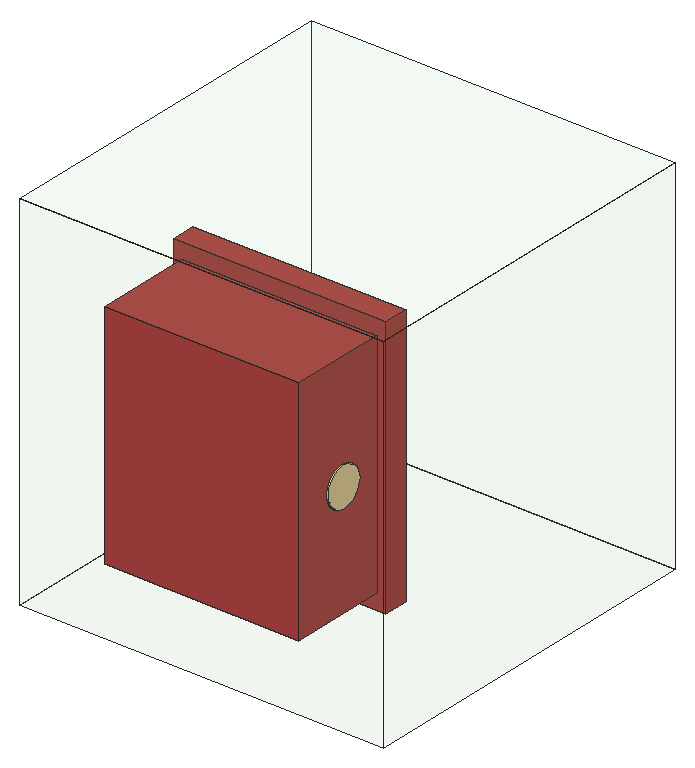
Revit family "ZETA_Коробка_Клемная_КМ 65-10_IP65", category Электрические приборы, Revit 2021
Family settings
  Сохранять ориентацию аннотаций = Нет
  Размер круглого соединителя = Использовать диаметр
  Тип детали = Нормальный
  На основе рабочей плоскости = Да
  Всегда вертикально = Нет
  При загрузке вырезать с полостями = Нет
  Общий = Нет
  Точка принадлежности помещению = Да
Parameters (values of type "65-10_IP65")
  УГО_Ширина = 10 mm
  УГО_Смещение_Х [instance] = 0 mm
  УГО_Смещение_Y [instance] = 0 mm
  УГО_Высота = 5 mm
  Температура эксплуатации = "от -40°С до +60°С"
  Сечение жил до = "4мм2"
  Сертификат = "RU C-RU.АД84.В.00192/20"
  Потолочное размещение [instance] = no
  Default Elevation = 1219.2 mm
  Описание = "Коробки клеммные соединительные КМ43 и КМ65 предназначены для\r\nсоединения и разветвления силовых электрических цепей и цепей КИПиА,\r\nвыполняемых контрольными и силовыми кабелями с алюминиевыми или медными\r\nжилами сечением 1,5-4мм2."
  Номинальный ток = "до 25A"
  Напряжение постоянного тока = "440 В"
  Напряжение переменного тока = "660 В"
  Крышка_Ширина = 160 mm
  Крышка_Длина = 190 mm
  Климатическое исполнение = "УХЛ1,5"
  Изготовитель = "АО «ЗЭТА»"  # constant formula
  Изготавливается по = "ТУ 27.33.13.120-047-99856433-2020"
  URL = "https://nzeta.ru/"
  D2 = 32 mm
  D1 = 25 mm
  В_УГО_Смещение_У [instance] = УГО_Смещение_Y + 2000 mm  # 2000 mm
  В_УГО_Смещение_X [instance] = УГО_Смещение_Х + 2000 mm  # 2000 mm
  ADSK_Ток = 0 A
  ADSK_Степень защиты_IP = "IP65"
  ADSK_Размер_Ширина = 175 mm
  ADSK_Размер_УголПоворота [instance] = if(Потолочное размещение, -90.00°, 180.00°)  # 180.00°
  ADSK_Размер_Длина = 215 mm
  ADSK_Размер_Высота = 100 mm
  ADSK_Примечание [instance] = ""
  ADSK_Полная мощность = 0 VA
  ADSK_Позиция [instance] = ""
  ADSK_Обозначение = "KK"
  ADSK_Номинальная мощность = 0 W
  ADSK_Номер стояка = ""
  ADSK_Номер линии = 0
  ADSK_Напряжение = 230 V
  ADSK_Наименование краткое = "КМ 65-10"
  ADSK_Наименование = "Коробка монтажная КМ 65-10 УХЛ1,5 IP65 латунный ввод ГОФРОМАТИК"
  ADSK_Материал наименование = "Сталь оцинкованная"
  ADSK_Масса_Текст = "1,4"
  ADSK_Масса = 1.4
  ADSK_Марка = "KK КМ 65-10 УХЛ1,5 IP65"
  ADSK_Коэффициент мощности = 1
  ADSK_Количество фаз числовое = 1
  ADSK_Количество фаз = 1
  ADSK_Количество = 1
  ADSK_Код изделия = "zeta30342"
  ADSK_Классификация нагрузок = Прочее
  ADSK_Завод-изготовитель = "АО «ЗЭТА»"  # constant formula
  ADSK_Единица измерения = "шт"  # constant formula
  ADSK_Версия семейства = "v.1"  # constant formula
  ADSK_Версия Revit = "2021"
  ADSK_URL страницы изделия = "https://nzeta.ru/catalog/?q=zeta30342"
  ADSK_URL документации изделия = "https://nzeta.ru/upload/uf/ce7/flzcsbpz9h0f8diecrwf8y3ppipdy0zw/passport.pdf"
Reference planes
  plane 1 "По центру (Вперед/Назад)": y = 0
  plane 2: z = 0
  plane 3 "По центру (Влево/Вправо)": x = 0
  plane 4: x = -2000
  plane 5: y = -2000
  plane 6: x = 0
  plane 7: y = 0
Lines and regions (mm)
  reference lines
    curve 1: line (0, 0, 0) -> (0, 0, -180)
    curve 2: line (0, 0, 0) -> (0, 140, 0)
Dimensions and locks
  "В_УГО_Смещение_X": plane 4 to plane 6
  "В_УГО_Смещение_У": plane 7 to plane 5
  angle curve 2 to curve 1 = 90.00°
  "ADSK_Размер_УголПоворота": angle plane 1 "По центру (Вперед/Назад)" to curve 1
  aligned and locked: level to plane 2
  aligned and locked: plane 6 to nested 1
  aligned and locked: nested 1 to plane 7
  aligned and locked: plane 2 to curve 2
  aligned and locked: plane 1 "По центру (Вперед/Назад)" to curve 1
  aligned and locked: nested 2 to curve 2
Nested families
  nested 1: "УГО_Клеменная_Коробка_(GenAnn)" at (0, 0, 0), УГО_Высота <- "УГО_Высота", УГО_Длина <- "УГО_Ширина", ADSK_Обозначение <- "ADSK_Обозначение", ADSK_Степень защиты_IP <- "ADSK_Степень защиты_IP", type "УГО_Клеменная_Коробка_(GenAnn)", detail levels coarse+medium
    with УГО_Длина 10 mm, УГО_Высота 5 mm, ADSK_Степень защиты_IP "IP65", ADSK_Обозначение "KK"
  nested 2: "ZETA_Коробка_Клемная_КМ 65-10_IP65_Геометрия" at (0, 0, 0) x (0, 0, -1) z (0, 1, 0), type "65-10", detail levels medium+fine
  nested 3: "Zeta_Зона обслуживания" at (0, 0, 0) x (-1, 0, 0) z (0, 0, -1), type "Зона обслуживания_Куб", detail levels medium+fine
    with Зона обслуживания_Ширина 300 mm, Зона обслуживания_Длина 300 mm, Зона обслуживания_Высота 300 mm
Connectors
  cabletrayconduit at (-81.999, 43.588, 50), diameter 25, driven by "D1"
    settings: on nested 2, index 2, connector width 300 mm, connector height 300 mm, connector angle 0.00°, system type 32, placement type 0, profile type 0, connector reference index -1, is primary connector yes, connector utility param no, connector description ""
  cabletrayconduit at (-81.999, 43.588, 0), diameter 32, driven by "D2"
    settings: on nested 2, index 3, connector width 300 mm, connector height 300 mm, connector angle 0.00°, system type 32, placement type 0, profile type 0, connector reference index -1, is primary connector no, connector utility param no, connector description ""
  cabletrayconduit at (-81.999, 43.588, -50), diameter 25, driven by "D1"
    settings: on nested 2, index 4, connector width 300 mm, connector height 300 mm, connector angle 0.00°, system type 32, placement type 0, profile type 0, connector reference index -1, is primary connector no, connector utility param no, connector description ""
  electrical at (0, 0, 0), driven by "ADSK_Количество фаз", driven by "ADSK_Классификация нагрузок", driven by "ADSK_Напряжение", driven by "ADSK_Полная мощность", driven by "ADSK_Коэффициент мощности"
    settings: on nested 2, index 5, voltage 230 V, apparent load 0 VA, apparent load phase1 0 VA, apparent load phase2 0 VA, apparent load phase3 0 VA, power factor 1, load classification "Прочее", number of poles 1, system type 30, power factor state 1, is connector primary yes, connector utility no, sub classification motor no, connector description ""
  cabletrayconduit at (81.928, 43.588, 0), diameter 32, driven by "D2"
    settings: on nested 2, index 6, connector width 300 mm, connector height 300 mm, connector angle 0.00°, system type 32, placement type 0, profile type 0, connector reference index -1, is primary connector no, connector utility param no, connector description ""
Definition of nested family "ZETA_Коробка_Клемная_КМ 65-10_IP65_Геометрия"
  Parameters (values of type "65-10")
    Привязки_Штуцер = 100 mm
    Default Elevation = 1219.2 mm
    Основание_Ширина = ADSK_Размер_Ширина * 0.9142  # 159.985 mm
    Основание_Длина = ADSK_Размер_Длина * 0.8835  # 191.72 mm
    Manufacturer = "АО \"ЗЭТАРУС\""
    D2 = 32 mm
    D1 = 25 mm
    ADSK_Размер_Ширина = 175 mm
    ADSK_Размер_Длина = 217 mm
    ADSK_Размер_Высота = 100 mm
    65-20 = no
    65-10 = yes
  Reference planes
    plane 1 "По центру (Вперед/Назад)": y = 0
    plane 2: z = 0
    plane 3 "По центру (Влево/Вправо)": x = 0
    plane 4: x = -95.86
    plane 5: x = 95.86
    plane 6: y = -79.992
    plane 7: y = 79.993
    plane 8: x = -108.5
    plane 9: y = -87.5
    plane 10: x = 108.5
    plane 11: y = 87.5
    plane 12: z = 100
    plane 13: z = 79.822
    plane 14: y = -57.269
    plane 15: y = 57.269
    plane 16: z = 43.588
    plane 17: y = -81.999
    plane 18: y = 81.928
    plane 19: x = -50
    plane 20: x = 50
    plane 21: x = -19.172
    plane 22: x = -57.516
    plane 23: x = 19.172
    plane 24: x = 57.516
  Forms (mm)
    Extrusion 1, solid
      sketch origin (0, 0, 0) x (1, 0, 0) y (0, 1, 0)
        loop
          line (-95.86, 79.993) -> (-95.86, -79.992) -> (95.86, -79.992) -> (95.86, 79.993) -> (-95.86, 79.993)
      from 0 to 79.822
    Extrusion 2, solid
      sketch origin (0, 0, 0) x (1, 0, 0) y (0, 1, 0)
        loop
          line (-108.5, 87.5) -> (-108.5, -87.5) -> (108.5, -87.5) -> (108.5, 87.5) -> (-108.5, 87.5)
      from 100 to 79.822
    Extrusion 3, solid
      sketch origin (0, 0, 0) x (1, 0, 0) y (0, 0, 1)
        loop
          circle (-50, 43.588) r 12.5
      from 79.992 to 81.999
    Extrusion 4, solid
      sketch origin (43.5, 0, 0) x (1, 0, 0) y (0, 0, 1)
        loop
          circle (-43.5, 43.588) r 16
      from 81.999 to 79.992
    Extrusion 5, solid
      sketch origin (117, 0, 0) x (1, 0, 0) y (0, 0, 1)
        loop
          circle (-67, 43.588) r 12.5
      from 81.999 to 79.992
    Extrusion 6, solid, visible <- "65-20"
      sketch origin (85.899, 167.006, 14.478) x (1, 0, 0) y (0, 0, 1)
        loop
          circle (-105.071, 29.11) r 16
      from 85.079 to 87.014
    Extrusion 7, solid, visible <- "65-20"
      sketch origin (26.528, 167.006, 14.478) x (1, 0, 0) y (0, 0, 1)
        loop
          circle (-84.044, 29.11) r 16
      from 85.079 to 87.014
    Extrusion 8, solid, visible <- "65-20"
      sketch origin (145.27, 167.006, 14.478) x (1, 0, 0) y (0, 0, 1)
        loop
          circle (-126.098, 29.11) r 16
      from 85.079 to 87.014
    Extrusion 9, solid, visible <- "65-20"
      sketch origin (204.642, 167.006, 14.478) x (1, 0, 0) y (0, 0, 1)
        loop
          circle (-147.126, 29.11) r 16
      from 85.079 to 87.014
    Extrusion 10, solid, visible <- "65-10"
      sketch origin (115.585, 167.006, 14.478) x (1, 0, 0) y (0, 0, 1)
        loop
          circle (-115.585, 29.11) r 16
      from 85.079 to 87.014
  Dimensions and locks
    equal spacing: plane 4, plane 3 "По центру (Влево/Вправо)", plane 5
    equal spacing: plane 7, plane 1 "По центру (Вперед/Назад)", plane 6
    "Основание_Ширина": plane 7 to plane 6
    "Основание_Длина": plane 4 to plane 5
    equal spacing: plane 11, plane 1 "По центру (Вперед/Назад)", plane 9
    equal spacing: plane 8, plane 3 "По центру (Влево/Вправо)", plane 10
    "ADSK_Размер_Ширина": plane 11 to plane 9
    "ADSK_Размер_Длина": plane 8 to plane 10
    "ADSK_Размер_Высота": plane 12 to level
    locked: plane 6 to plane 17 at 2.006
    locked: plane 18 to plane 7 at 1.935
    equal spacing: plane 19, plane 3 "По центру (Влево/Вправо)", plane 20
    equal spacing: plane 4, plane 22, plane 21, plane 23, plane 24, plane 5
    "Привязки_Штуцер": plane 19 to plane 20
    "D1": diameter of Extrusion 3 sketch curve
    "D2": diameter of Extrusion 4 sketch curve
    "D1": diameter of Extrusion 5 sketch curve
    "D2": diameter of Extrusion 6 sketch curve
    "D2": diameter of Extrusion 7 sketch curve
    "D2": diameter of Extrusion 8 sketch curve
    "D2": diameter of Extrusion 9 sketch curve
    "D2": diameter of Extrusion 10 sketch curve
    aligned and locked: level to plane 2
    aligned and locked: Extrusion 1 sketch curve to plane 7
    aligned and locked: plane 4 to Extrusion 1 sketch curve
    aligned and locked: plane 6 to Extrusion 1 sketch curve
    aligned and locked: Extrusion 1 sketch curve to plane 5
    aligned and locked: Extrusion 2 sketch curve to plane 11
    aligned and locked: plane 8 to Extrusion 2 sketch curve
    aligned and locked: plane 9 to Extrusion 2 sketch curve
    aligned and locked: Extrusion 2 sketch curve to plane 10
    aligned and locked: Extrusion 2 to plane 13
    aligned and locked: Extrusion 1 to Extrusion 2
    aligned and locked: plane 16 to Extrusion 3 sketch curve
    aligned and locked: plane 6 to Extrusion 3
    aligned and locked: Extrusion 3 to plane 17
    aligned and locked: plane 18 to Extrusion 6
    aligned and locked: Extrusion 6 to plane 7
    aligned and locked: Extrusion 4 to Extrusion 1
    aligned and locked: Extrusion 4 to plane 17
    aligned and locked: Extrusion 5 to Extrusion 1
    aligned and locked: Extrusion 5 to plane 17
    aligned and locked: plane 19 to Extrusion 3 sketch curve
    aligned and locked: plane 20 to Extrusion 5 sketch curve
    aligned and locked: plane 16 to Extrusion 5 sketch curve
    aligned and locked: plane 16 to Extrusion 6 sketch curve
    aligned and locked: plane 21 to Extrusion 6 sketch curve
  Automatic sketch dimensions
    Extrusion 4 sketch curve to plane 3 "По центру (Влево/Вправо)" = 0 mm
    Extrusion 4 sketch curve to plane 16 = 0 mm
    Extrusion 7 sketch curve to plane 16 = 0 mm
    Extrusion 7 sketch curve to plane 22 = 0 mm
    Extrusion 8 sketch curve to plane 16 = 0 mm
    Extrusion 8 sketch curve to plane 23 = 0 mm
    Extrusion 9 sketch curve to plane 16 = 0 mm
    Extrusion 9 sketch curve to plane 24 = 0 mm
    Extrusion 10 sketch curve to plane 3 "По центру (Влево/Вправо)" = 0 mm
    Extrusion 10 sketch curve to plane 16 = 0 mm
Definition of nested family "Zeta_Зона обслуживания"
  Parameters (values of type "Зона обслуживания_Куб")
    Default Elevation = 1219.2 mm
    Зона обслуживания_Ширина [instance] = 300 mm
    Зона обслуживания_Длина [instance] = 300 mm
    Зона обслуживания_Высота [instance] = 300 mm
  Reference planes
    plane 1 "По центру (Вперед/Назад)": y = 0
    plane 2: z = 0
    plane 3 "По центру (Влево/Вправо)": x = 0
    plane 4: x = -150
    plane 5: x = 150
    plane 6: y = 300
    plane 7: z = 150
    plane 8: z = -150
  Forms (mm)
    Extrusion 1, solid
      sketch origin (0, 0, 0) x (1, 0, 0) y (0, 1, 0)
        loop
          line (-150, 300) -> (-150, 0) -> (150, 0) -> (150, 300) -> (-150, 300)
      from -150 to 150
  Dimensions and locks
    equal spacing: plane 4, plane 3 "По центру (Влево/Вправо)", plane 5
    "Зона обслуживания_Ширина": plane 6 to plane 1 "По центру (Вперед/Назад)"
    "Зона обслуживания_Длина": plane 4 to plane 5
    equal spacing: plane 7, level, plane 8
    "Зона обслуживания_Высота": plane 7 to plane 8
    aligned and locked: level to plane 2
    aligned and locked: Extrusion 1 sketch curve to plane 6
    aligned and locked: plane 4 to Extrusion 1 sketch curve
    aligned and locked: Extrusion 1 sketch curve to plane 5
    aligned and locked: Extrusion 1 to plane 8
    aligned and locked: plane 7 to Extrusion 1
    aligned and locked: plane 1 "По центру (Вперед/Назад)" to Extrusion 1
  Automatic sketch dimensions
    plane 1 "По центру (Вперед/Назад)" to Extrusion 1 sketch curve = 0 mm
Definition of nested family "УГО_Клеменная_Коробка_(GenAnn)"
  Parameters (values of type "УГО_Клеменная_Коробка_(GenAnn)")
    УГО_Длина [instance] = 10 mm
    УГО_Высота [instance] = 5 mm
    ADSK_Степень защиты_IP [instance] = ""
    ADSK_Обозначение [instance] = ""
  Reference planes
    plane 1: y = 0
    plane 2: x = 0
  Lines and regions (mm)
    Filled region 1, type "Filled region 1"
      outline origin (0, 0, 0) x (1, 0, 0) y (0, 1, 0)
        loop
          line (-5, 2.5) -> (-5, -2.5) -> (5, -2.5) -> (5, 2.5) -> (-5, 2.5)
    reference lines
      curve 1: line (-5, 2.5, 0) -> (-5, -2.5, 0)
      curve 2: line (-5, -2.5, 0) -> (5, -2.5, 0)
      curve 3: line (5, 2.5, 0) -> (5, -2.5, 0)
      curve 4: line (-5, 2.5, 0) -> (5, 2.5, 0)
  Text (mm)
    label "KK IP 54" at (0.033, -0.03, 0), shows "ADSK_Обозначение", "ADSK_Степень защиты_IP"
  Dimensions and locks
    equal spacing: curve 1, plane 2, curve 3
    equal spacing: curve 2, plane 1, curve 4
    "УГО_Длина": curve 1 to curve 3
    "УГО_Высота": curve 2 to curve 4
    aligned and locked: Filled region 1 sketch curve to curve 4
    aligned and locked: Filled region 1 sketch curve to curve 1
    aligned and locked: Filled region 1 sketch curve to curve 2
    aligned and locked: Filled region 1 sketch curve to curve 3
